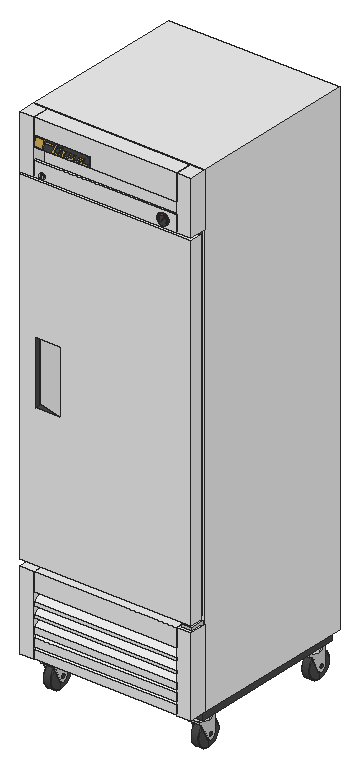
Revit family
Parameters
  Weight = "290 lbs."
  Watts = Volts * FL Amps  # 874 W
  Volts = 115 V
  URL Manufacturer = "www.truemfg.com"
  URL Cutsheet = "www.truemfg.com"
  URL = "www.truemfg.com"
  Type Mark [instance] = ""
  Type Comments = "www.truemfg.com"
  Status [instance] = ""
  Specification by User [instance] = ""
  Specification by Manufacturer = ""
  Show Seismic Flanged [instance] = no
  Show Logo [instance] = yes
  Show Legs [instance] = no
  Show Clearance [instance] = yes
  Show Casters [instance] = and(not(Show Legs), not(Show Seismic Flanged))  # yes
  Serial Number = ""
  Seismic Rating = ""
  Seismic Plate [instance] = and(Show Seismic Flanged, not(Show Casters))  # no
  SMACNA No = ""
  Revision Code [instance] = ""
  Phase = 1
  Omniclass Number and Title = ""
  Number of Poles [instance] = 1
  NAFEM Spec ID Number = ""
  Model = "T-23"
  Min Ckt Ampacity = 0 A
  Max Overcurrent Protection = 0 A
  MasterSpec. = ""
  Manufacturer = "TRUE FOOD SERVICE EQUIPMENT, INC."
  Legs [instance] = or(Show Legs, Show Seismic Flanged)  # no
  Item Number [instance] = ""
  Installed By [instance] = ""
  Identify Quantity as Lot [instance] = yes
  HP = "1/3"
  Furnished By [instance] = ""
  Foodservice Equipment Identifier [instance] = yes
  FL Amps = 7.6 A
  Electrical Remarks [instance] = "230-240/50/1"
  Electric Connection Type [instance] = ""
  Elec Conn RI Height [instance] = 0"
  Elec Conn Connection Height [instance] = 0"
  Description = "Reach-In Solid Swing Door Refrigerator"
  Cycle = 60 Hz
  Conn Plug NEMA = "NEMA-5-15P"
  Conn Conduit = yes
  CSI MasterFormat = ""
  CSI Master Format = ""
  Body Finish = QF_Finishes_Stainless Steel
  Base Height [instance] = if(Show Casters, 5", 6")  # 5"
  Apparent Power = if(Phase = 3, Volts * FL Amps * 1.73, Volts * FL Amps)  # 874 VA
Reference planes (in)
  plane 1 "BACK": y = 0
  plane 2: z = 0
  plane 3 "LEFT": x = 0
  plane 4 "RIGHT": x = 27
  plane 5 "FRONT": y = -29.5
  plane 6 "Top": z = 83.3125
  plane 7: z = 5
Forms (in)
  Revolve 1, solid, material "QF_Finishes_Black", visible <- "Show Casters"
    sketch origin (-0.14406, -24.48472, -1) x (1, 0, 0) y (0, 0, 1)
      loop
        line (2.62908, 4.89592) -> (2.525, 5) -> (1.475, 5) -> (1.375, 4.9) -> (1.375, 3.25) -> (1.05969, 3.25) -> (1.05969, 3) -> (2.94031, 3) -> (2.94031, 3.25) -> (2.62908, 3.25) -> (2.62908, 4.89592)
      axis (2.94031, 3) -> (1.05969, 3)
    angle from 0 to 360
  Revolve 2, solid, material "QF_Finishes_Black", visible <- "Show Casters"
    sketch origin (-0.14406, -2.56916, -1.70457) x (1, 0, 0) y (0, 0, 1)
      loop
        line (2.62908, 5.6005) -> (2.525, 5.70457) -> (1.475, 5.70457) -> (1.375, 5.60457) -> (1.375, 3.95457) -> (1.05969, 3.95457) -> (1.05969, 3.70457) -> (2.94031, 3.70457) -> (2.94031, 3.95457) -> (2.62908, 3.95457) -> (2.62908, 5.6005)
      axis (2.94031, 3.70457) -> (1.05969, 3.70457)
    angle from 0 to 360
  Revolve 3, solid, material "QF_Finishes_Chrome - Satin", visible <- "Show Casters"
    sketch origin (-0.14203, -25.23418, -2.97972) x (1, 0, 0) y (0, 0, 1)
      loop
        line (2, 7.47972) -> (2, 7.97972) -> (0.70293, 7.97972) -> (0.70293, 7.47972) -> (2, 7.47972)
      axis (2, 7.47972) -> (2, 7.97972)
    angle from 0 to 360
  Extrusion 4, solid, material "QF_Finishes_Handrails and Railings", visible <- "Show Casters"
    sketch origin (-47.92328, 8.23261, -2.74546) x (0, 1, 0) y (0, 0, 1)
      loop
        line (-34.85761, 7.24546) -> (-34.85761, 6.89061) -> (-31.89075, 6.89061) -> (-31.89075, 7.24546) -> (-34.85761, 7.24546)
    from 49.10625 to 50.45625
  Extrusion 5, solid, material "QF_Finishes_Handrails and Railings", visible <- "Show Casters"
    sketch origin (-0.14203, 9.88886, -2.21999) x (0, 1, 0) y (0, 0, 1)
      loop
        line (-36.51386, 6.71999) -> (-36.51386, 6.36514) -> (-36.13864, 6.36514) -> (-34.8897, 3.6891)
        arc (-34.8897, 3.6891) -> (-34.09722, 3.33917) -> (-33.547, 4.0083) r 0.71647
        line (-33.547, 4.0083) -> (-33.547, 6.71999) -> (-36.51386, 6.71999)
    from 1.175 to 1.325
  Extrusion 6, solid, material "QF_Finishes_Handrails and Railings", visible <- "Show Casters"
    sketch origin (3.85797, 9.88886, -2.21999) x (0, 1, 0) y (0, 0, -1)
      loop
        line (-36.51386, -6.71999) -> (-33.547, -6.71999) -> (-33.547, -4.0083)
        arc (-33.547, -4.0083) -> (-34.09722, -3.33917) -> (-34.8897, -3.6891) r 0.71647
        line (-34.8897, -3.6891) -> (-36.13864, -6.36514) -> (-36.51386, -6.36514) -> (-36.51386, -6.71999)
    from 1.175 to 1.325
  Revolve 7, solid, material "QF_Finishes_Black", visible <- "Show Casters"
    sketch origin (27.26906, -24.48472, -1) x (-1, 0, 0) y (0, 0, -1)
      loop
        line (2.62908, -4.89592) -> (2.62908, -3.25) -> (2.94031, -3.25) -> (2.94031, -3) -> (1.05969, -3) -> (1.05969, -3.25) -> (1.375, -3.25) -> (1.375, -4.9) -> (1.475, -5) -> (2.525, -5) -> (2.62908, -4.89592)
      axis (2.94031, -3) -> (1.05969, -3)
    angle from 0 to 360
  Revolve 8, solid, material "QF_Finishes_Black", visible <- "Show Casters"
    sketch origin (27.26906, -2.56916, -1.70457) x (-1, 0, 0) y (0, 0, -1)
      loop
        line (2.62908, -5.6005) -> (2.62908, -3.95457) -> (2.94031, -3.95457) -> (2.94031, -3.70457) -> (1.05969, -3.70457) -> (1.05969, -3.95457) -> (1.375, -3.95457) -> (1.375, -5.60457) -> (1.475, -5.70457) -> (2.525, -5.70457) -> (2.62908, -5.6005)
      axis (2.94031, -3.70457) -> (1.05969, -3.70457)
    angle from 0 to 360
  Extrusion 9, solid, material "QF_Finishes_Handrails and Railings", visible <- "Show Casters"
    sketch origin (27.26703, 9.88886, -2.21999) x (0, 1, 0) y (0, 0, -1)
      loop
        line (-36.51386, -6.71999) -> (-33.547, -6.71999) -> (-33.547, -4.0083)
        arc (-33.547, -4.0083) -> (-34.09722, -3.33917) -> (-34.8897, -3.6891) r 0.71647
        line (-34.8897, -3.6891) -> (-36.13864, -6.36514) -> (-36.51386, -6.36514) -> (-36.51386, -6.71999)
    from 1.175 to 1.325
  Extrusion 10, solid, material "QF_Finishes_Handrails and Railings", visible <- "Show Casters"
    sketch origin (23.26703, 9.88886, -2.21999) x (0, 1, 0) y (0, 0, 1)
      loop
        line (-36.51386, 6.71999) -> (-36.51386, 6.36514) -> (-36.13864, 6.36514) -> (-34.8897, 3.6891)
        arc (-34.8897, 3.6891) -> (-34.09722, 3.33917) -> (-33.547, 4.0083) r 0.71647
        line (-33.547, 4.0083) -> (-33.547, 6.71999) -> (-36.51386, 6.71999)
    from 1.175 to 1.325
  Revolve 11, solid, material "QF_Finishes_Stainless Steel" <- "Body Finish", visible <- "Legs"
    sketch origin (-0.14203, -24.48472, 0) x (1, 0, 0) y (0, 0, 1)
      loop
        line (2, 6) -> (0.68084, 6) -> (1.25, 1) -> (1.5, 1) -> (1.5, 0) -> (2, 0) -> (2, 6)
      axis (2, 0) -> (2, 6)
    angle from 0 to 360
  Revolve 12, solid, material "QF_Finishes_Stainless Steel" <- "Body Finish", visible <- "Legs"
    sketch origin (-0.14203, -2.56916, 0) x (1, 0, 0) y (0, 0, -1)
      loop
        line (2, -6) -> (2, 0) -> (1.5, 0) -> (1.5, -1) -> (1.25, -1) -> (0.68084, -6) -> (2, -6)
      axis (2, 0) -> (2, -6)
    angle from 0 to 360
  Extrusion 13, solid, material "QF_Finishes_Stainless Steel" <- "Body Finish", visible <- "Seismic Plate"
    sketch origin (-1.21118, -0.875, 0) x (1, 0, 0) y (0, 1, 0)
      loop
        circle (3.06916, -1.69416) r 1.5
    from 0 to 0.25
  Extrusion 14, solid, material "QF_Finishes_Stainless Steel" <- "Body Finish", visible <- "Seismic Plate"
    sketch origin (-1.21118, -17.79056, 0) x (1, 0, 0) y (0, 1, 0)
      loop
        circle (3.06916, -6.69416) r 1.5
    from 0 to 0.25
  Revolve 15, solid, material "QF_Finishes_Stainless Steel" <- "Body Finish", visible <- "Legs"
    sketch origin (27.26703, -24.48472, 0) x (-1, 0, 0) y (0, 0, -1)
      loop
        line (2, -6) -> (2, 0) -> (1.5, 0) -> (1.5, -1) -> (1.25, -1) -> (0.68084, -6) -> (2, -6)
      axis (2, 0) -> (2, -6)
    angle from 0 to 360
  Revolve 16, solid, material "QF_Finishes_Stainless Steel" <- "Body Finish", visible <- "Legs"
    sketch origin (27.26703, -2.56916, 0) x (-1, 0, 0) y (0, 0, 1)
      loop
        line (2, 6) -> (0.68084, 6) -> (1.25, 1) -> (1.5, 1) -> (1.5, 0) -> (2, 0) -> (2, 6)
      axis (2, 0) -> (2, 6)
    angle from 0 to 360
  Extrusion 17, solid, material "QF_Finishes_Stainless Steel" <- "Body Finish", visible <- "Seismic Plate"
    sketch origin (28.33618, -0.875, 0) x (-1, 0, 0) y (0, -1, 0)
      loop
        circle (3.06916, 1.69416) r 1.5
    from 0 to 0.25
  Extrusion 18, solid, material "QF_Finishes_Stainless Steel" <- "Body Finish", visible <- "Seismic Plate"
    sketch origin (28.33618, -17.79056, 0) x (-1, 0, 0) y (0, -1, 0)
      loop
        circle (3.06916, 6.69416) r 1.5
    from 0 to 0.25
  Extrusion 19, solid, material "QF_Finishes_Chrome - Satin"
    sketch origin (0, 0, 0) x (1, 0, 0) y (0, 0, 1)
      loop
        circle (6, 12) r 0.25
    from 0 to 0.0625
  Revolve 20, solid, material "QF_Finishes_Chrome - Satin", visible <- "Show Casters"
    sketch origin (-0.14203, -3.31862, -2.97972) x (1, 0, 0) y (0, 0, 1)
      loop
        line (2, 7.47972) -> (2, 7.97972) -> (0.70293, 7.97972) -> (0.70293, 7.47972) -> (2, 7.47972)
      axis (2, 7.47972) -> (2, 7.97972)
    angle from 0 to 360
  Extrusion 21, solid, material "QF_Finishes_Handrails and Railings", visible <- "Show Casters"
    sketch origin (-47.92328, 30.14817, -2.74546) x (0, 1, 0) y (0, 0, 1)
      loop
        line (-34.85761, 7.24546) -> (-34.85761, 6.89061) -> (-31.89075, 6.89061) -> (-31.89075, 7.24546) -> (-34.85761, 7.24546)
    from 49.10625 to 50.45625
  Extrusion 22, solid, material "QF_Finishes_Handrails and Railings", visible <- "Show Casters"
    sketch origin (-0.14203, 31.80442, -2.21999) x (0, 1, 0) y (0, 0, 1)
      loop
        line (-36.51386, 6.71999) -> (-36.51386, 6.36514) -> (-36.13864, 6.36514) -> (-34.8897, 3.6891)
        arc (-34.8897, 3.6891) -> (-34.09722, 3.33917) -> (-33.547, 4.0083) r 0.71647
        line (-33.547, 4.0083) -> (-33.547, 6.71999) -> (-36.51386, 6.71999)
    from 1.175 to 1.325
  Extrusion 23, solid, material "QF_Finishes_Handrails and Railings", visible <- "Show Casters"
    sketch origin (3.85797, 31.80442, -2.21999) x (0, 1, 0) y (0, 0, -1)
      loop
        line (-36.51386, -6.71999) -> (-33.547, -6.71999) -> (-33.547, -4.0083)
        arc (-33.547, -4.0083) -> (-34.09722, -3.33917) -> (-34.8897, -3.6891) r 0.71647
        line (-34.8897, -3.6891) -> (-36.13864, -6.36514) -> (-36.51386, -6.36514) -> (-36.51386, -6.71999)
    from 1.175 to 1.325
  Extrusion 24, solid, material "QF_Finishes_Handrails and Railings", visible <- "Show Casters"
    sketch origin (27.26703, 31.80442, -2.21999) x (0, 1, 0) y (0, 0, -1)
      loop
        line (-36.51386, -6.71999) -> (-33.547, -6.71999) -> (-33.547, -4.0083)
        arc (-33.547, -4.0083) -> (-34.09722, -3.33917) -> (-34.8897, -3.6891) r 0.71647
        line (-34.8897, -3.6891) -> (-36.13864, -6.36514) -> (-36.51386, -6.36514) -> (-36.51386, -6.71999)
    from 1.175 to 1.325
  Extrusion 25, solid, material "QF_Finishes_Handrails and Railings", visible <- "Show Casters"
    sketch origin (23.26703, 31.80442, -2.21999) x (0, 1, 0) y (0, 0, 1)
      loop
        line (-36.51386, 6.71999) -> (-36.51386, 6.36514) -> (-36.13864, 6.36514) -> (-34.8897, 3.6891)
        arc (-34.8897, 3.6891) -> (-34.09722, 3.33917) -> (-33.547, 4.0083) r 0.71647
        line (-33.547, 4.0083) -> (-33.547, 6.71999) -> (-36.51386, 6.71999)
    from 1.175 to 1.325
  Revolve 26, solid, material "QF_Finishes_Chrome - Satin", visible <- "Show Casters"
    sketch origin (27.26703, -25.23418, -2.97972) x (-1, 0, 0) y (0, 0, -1)
      loop
        line (2, -7.47972) -> (0.70293, -7.47972) -> (0.70293, -7.97972) -> (2, -7.97972) -> (2, -7.47972)
      axis (2, -7.47972) -> (2, -7.97972)
    angle from 0 to 360
  Extrusion 27, solid, material "QF_Finishes_Handrails and Railings", visible <- "Show Casters"
    sketch origin (75.04828, 8.23261, -2.74546) x (0, 1, 0) y (0, 0, -1)
      loop
        line (-34.85761, -7.24546) -> (-31.89075, -7.24546) -> (-31.89075, -6.89061) -> (-34.85761, -6.89061) -> (-34.85761, -7.24546)
    from 49.10625 to 50.45625
  Revolve 28, solid, material "QF_Finishes_Chrome - Satin", visible <- "Show Casters"
    sketch origin (27.26703, -3.31862, -2.97972) x (-1, 0, 0) y (0, 0, -1)
      loop
        line (2, -7.47972) -> (0.70293, -7.47972) -> (0.70293, -7.97972) -> (2, -7.97972) -> (2, -7.47972)
      axis (2, -7.47972) -> (2, -7.97972)
    angle from 0 to 360
  Extrusion 29, solid, material "QF_Finishes_Handrails and Railings", visible <- "Show Casters"
    sketch origin (75.04828, 30.14817, -2.74546) x (0, 1, 0) y (0, 0, -1)
      loop
        line (-34.85761, -7.24546) -> (-31.89075, -7.24546) -> (-31.89075, -6.89061) -> (-34.85761, -6.89061) -> (-34.85761, -7.24546)
    from 49.10625 to 50.45625
Cuts and joins
  joined: Extrusion 9, Extrusion 10, Extrusion 27
  joined: Extrusion 24, Extrusion 25, Extrusion 29
  joined: Extrusion 21, Extrusion 22, Extrusion 23
  joined: Extrusion 4, Extrusion 5, Extrusion 6
Lines and regions (in)
  symbolic lines, style "SpecialityEquipmentHiddenLines", visible <- "Show Casters"
    curve 1: line (0.31494, -3.98858, 0) -> (1.40101, -4.61562, 0)
    curve 2: line (2.31494, -0.52448, 0) -> (0.31494, -3.98858, 0)
    curve 3: line (3.40101, -1.15152, 0) -> (2.31494, -0.52448, 0)
    curve 4: line (1.40101, -4.61562, 0) -> (3.40101, -1.15152, 0)
    curve 5: line (23.72399, -3.98858, 0) -> (24.81006, -4.61562, 0)
    curve 6: line (25.72399, -0.52448, 0) -> (23.72399, -3.98858, 0)
    curve 7: line (26.81006, -1.15152, 0) -> (25.72399, -0.52448, 0)
    curve 8: line (24.81006, -4.61562, 0) -> (26.81006, -1.15152, 0)
    curve 9: line (0.31494, -25.90414, 0) -> (1.40101, -26.53118, 0)
    curve 10: line (2.31494, -22.44004, 0) -> (0.31494, -25.90414, 0)
    curve 11: line (3.40101, -23.06708, 0) -> (2.31494, -22.44004, 0)
    curve 12: line (1.40101, -26.53118, 0) -> (3.40101, -23.06708, 0)
    curve 13: line (23.72399, -25.90414, 0) -> (24.81006, -26.53118, 0)
    curve 14: line (25.72399, -22.44004, 0) -> (23.72399, -25.90414, 0)
    curve 15: line (26.81006, -23.06708, 0) -> (25.72399, -22.44004, 0)
    curve 16: line (24.81006, -26.53118, 0) -> (26.81006, -23.06708, 0)
Dimensions and locks (in)
  plane 1 "BACK" to plane 5 "FRONT" = 29 1/2"
  plane 6 "Top" to level = 83 5/16"  (x3)
  plane 5 "FRONT" to plane 1 "BACK" = 29 1/2"  (x2)
  plane 4 "RIGHT" to plane 3 "LEFT" = 27"
  plane 2 to plane 6 "Top" = 83 5/16"
  plane 6 "Top" to plane 7 = 78 5/16"
  plane 3 "LEFT" to plane 4 "RIGHT" = 27"
  "Base Height": plane 7 to level
  locked: Revolve 11 sketch curve to level at 6
  locked: Revolve 12 sketch curve to level at 6
  Revolve 15 sketch curve to Revolve 15 sketch curve to Revolve 15 sketch curve = 5" locked, 1" locked
  Revolve 16 sketch curve to Revolve 16 sketch curve to Revolve 16 sketch curve = 5" locked, 1" locked
  Extrusion 19 sketch curve to Extrusion 19 sketch curve to plane 7 = 1/2" locked, 6 3/4" locked
  aligned and locked: level to plane 2
  aligned: Extrusion 4 to Revolve 3
  aligned: Revolve 3 to Revolve 3
  aligned: plane 7 to Extrusion 5
  aligned: plane 7 to Extrusion 6
  aligned and locked: plane 1 "BACK" to nested 1
  aligned and locked: plane 3 "LEFT" to nested 1
  aligned and locked: nested 1 to plane 7
  aligned and locked: Revolve 3 sketch curve to Revolve 3 sketch curve
  aligned and locked: Revolve 1 sketch curve to Revolve 1 sketch curve
  aligned and locked: Revolve 2 sketch curve to Revolve 2 sketch curve
  aligned and locked: Revolve 20 sketch curve to Revolve 20 sketch curve
  aligned and locked: Revolve 26 sketch curve to Revolve 26 sketch curve
  aligned and locked: Revolve 28 sketch curve to Revolve 28 sketch curve
Automatic sketch dimensions
  plane 3 "LEFT" to Revolve 1 sketch curve = 0.5097"
  Revolve 1 sketch curve to Revolve 1 sketch curve = 0.40592"
  plane 3 "LEFT" to Revolve 1 sketch curve = 1.23094"
  Revolve 1 sketch curve to Revolve 1 sketch curve = 0.1"  (x2)
  Revolve 1 sketch curve to Revolve 1 sketch curve = 0.63788"
  Revolve 1 sketch curve to plane 7 = 1"
  Revolve 1 sketch curve to Revolve 1 sketch curve = 1.05"
  Revolve 1 sketch curve to Revolve 1 sketch curve = 0.6162"
  Revolve 1 sketch curve to Revolve 1 sketch curve = 0.31123"
  Revolve 1 sketch curve to Revolve 1 sketch curve = 0.10408"
  Revolve 1 sketch curve to Revolve 1 sketch curve = 1.65"
  Revolve 1 sketch curve to Revolve 1 sketch curve = 1/4"
  Revolve 1 sketch curve to Revolve 1 sketch curve = 0"
  plane 3 "LEFT" to Revolve 2 sketch curve = 0.5097"
  Revolve 2 sketch curve to Revolve 2 sketch curve = 0.40592"
  plane 3 "LEFT" to Revolve 2 sketch curve = 1.23094"
  Revolve 2 sketch curve to Revolve 2 sketch curve = 0.1"  (x2)
  Revolve 2 sketch curve to Revolve 2 sketch curve = 0.63788"
  Revolve 2 sketch curve to plane 7 = 1"
  Revolve 2 sketch curve to Revolve 2 sketch curve = 1.05"
  Revolve 2 sketch curve to Revolve 2 sketch curve = 0.6162"
  Revolve 2 sketch curve to Revolve 2 sketch curve = 0.31123"
  Revolve 2 sketch curve to Revolve 2 sketch curve = 0.10408"
  Revolve 2 sketch curve to Revolve 2 sketch curve = 1.65"
  Revolve 2 sketch curve to Revolve 2 sketch curve = 1/4"
  Revolve 2 sketch curve to Revolve 2 sketch curve = 0"
  Revolve 3 sketch curve to plane 7 = 0"
  plane 3 "LEFT" to Revolve 3 sketch curve = 0.56091"
  Revolve 3 sketch curve to Revolve 3 sketch curve = 1.29707"
  Revolve 3 sketch curve to plane 7 = 0.0891"
  Revolve 3 sketch curve to plane 7 = 1/2"
  Revolve 3 sketch curve to Revolve 3 sketch curve = 0.0891"
  Extrusion 4 sketch curve to plane 7 = 0.85485"
  Extrusion 4 sketch curve to plane 5 "FRONT" = 2 7/8"
  Extrusion 4 sketch curve to Extrusion 4 sketch curve = 2.96686"
  Extrusion 4 sketch curve to Extrusion 4 sketch curve = 0.35485"
  Extrusion 5 sketch curve to plane 7 = 1/2"
  Extrusion 5 sketch curve to plane 5 "FRONT" = 2 7/8"
  Extrusion 5 sketch curve to Extrusion 5 sketch curve = 0.37522"
  level to Extrusion 5 sketch curve = 1.46911"
  Extrusion 5 sketch curve to Extrusion 5 sketch curve = 1.24895"
  Extrusion 5 sketch curve to Extrusion 5 sketch curve = 0.62677"
  Extrusion 5 sketch curve to Extrusion 5 sketch curve = 2.59164"
  Extrusion 5 sketch curve to Extrusion 5 sketch curve = 0.3192"
  Extrusion 5 sketch curve to Extrusion 5 sketch curve = 0.35485"
  Extrusion 6 sketch curve to plane 7 = 0.85485"
  Extrusion 6 sketch curve to plane 5 "FRONT" = 2 7/8"
  Extrusion 6 sketch curve to Extrusion 6 sketch curve = 0.37522"
  level to Extrusion 6 sketch curve = 1.46911"
  Extrusion 6 sketch curve to Extrusion 6 sketch curve = 1.24895"
  Extrusion 6 sketch curve to Extrusion 6 sketch curve = 0.62677"
  Extrusion 6 sketch curve to Extrusion 6 sketch curve = 0.71593"
  Extrusion 6 sketch curve to plane 7 = 1/2"
  Extrusion 6 sketch curve to Extrusion 6 sketch curve = 0.34712"
  Revolve 7 sketch curve to plane 4 "RIGHT" = 0.3847"
  Revolve 7 sketch curve to Revolve 7 sketch curve = 0.40592"
  Revolve 7 sketch curve to Revolve 7 sketch curve = 0.31531"
  Revolve 7 sketch curve to Revolve 7 sketch curve = 0.1"  (x2)
  Revolve 7 sketch curve to Revolve 7 sketch curve = 0.63788"
  Revolve 7 sketch curve to plane 7 = 1"
  Revolve 7 sketch curve to Revolve 7 sketch curve = 1.05"
  Revolve 7 sketch curve to Revolve 7 sketch curve = 0.6162"
  Revolve 7 sketch curve to Revolve 7 sketch curve = 0.31123"
  Revolve 7 sketch curve to Revolve 7 sketch curve = 0.10408"
  Revolve 7 sketch curve to Revolve 7 sketch curve = 1.64592"
  Revolve 7 sketch curve to Revolve 7 sketch curve = 0"
  Revolve 7 sketch curve to Revolve 7 sketch curve = 1/4"  (x2)
  Revolve 8 sketch curve to plane 4 "RIGHT" = 0.3847"
  Revolve 8 sketch curve to Revolve 8 sketch curve = 0.40592"
  Revolve 8 sketch curve to Revolve 8 sketch curve = 0.31531"
  Revolve 8 sketch curve to Revolve 8 sketch curve = 0.1"  (x2)
  Revolve 8 sketch curve to Revolve 8 sketch curve = 0.63788"
  Revolve 8 sketch curve to plane 7 = 1"
  Revolve 8 sketch curve to Revolve 8 sketch curve = 1.05"
  Revolve 8 sketch curve to Revolve 8 sketch curve = 0.6162"
  Revolve 8 sketch curve to Revolve 8 sketch curve = 0.31123"
  Revolve 8 sketch curve to Revolve 8 sketch curve = 0.10408"
  Revolve 8 sketch curve to Revolve 8 sketch curve = 1.64592"
  Revolve 8 sketch curve to Revolve 8 sketch curve = 0"
  Revolve 8 sketch curve to Revolve 8 sketch curve = 1/4"  (x2)
  Extrusion 9 sketch curve to plane 7 = 0.85485"
  Extrusion 9 sketch curve to plane 5 "FRONT" = 2 7/8"
  Extrusion 9 sketch curve to Extrusion 9 sketch curve = 0.37522"
  level to Extrusion 9 sketch curve = 1.46911"
  Extrusion 9 sketch curve to Extrusion 9 sketch curve = 1.24895"
  Extrusion 9 sketch curve to Extrusion 9 sketch curve = 0.62677"
  Extrusion 9 sketch curve to Extrusion 9 sketch curve = 0.71593"
  Extrusion 9 sketch curve to plane 7 = 1/2"
  Extrusion 9 sketch curve to Extrusion 9 sketch curve = 0.34712"
  Extrusion 10 sketch curve to plane 7 = 0.85485"
  Extrusion 10 sketch curve to plane 5 "FRONT" = 2 7/8"
  Extrusion 10 sketch curve to Extrusion 10 sketch curve = 0.37522"
  level to Extrusion 10 sketch curve = 1.46911"
  Extrusion 10 sketch curve to Extrusion 10 sketch curve = 1.24895"
  Extrusion 10 sketch curve to Extrusion 10 sketch curve = 0.62677"
  Extrusion 10 sketch curve to Extrusion 10 sketch curve = 0.71593"
  Extrusion 10 sketch curve to Extrusion 10 sketch curve = 0.3192"
  Extrusion 10 sketch curve to Extrusion 10 sketch curve = 0.35485"
  Revolve 11 sketch curve to level = 0"
  plane 3 "LEFT" to Revolve 11 sketch curve = 0.53882"
  plane 3 "LEFT" to Revolve 11 sketch curve = 1.10797"
  Revolve 11 sketch curve to Revolve 11 sketch curve = 1/4"
  Revolve 11 sketch curve to Revolve 11 sketch curve = 1/2"
  Revolve 11 sketch curve to Revolve 11 sketch curve = 0"
  level to Revolve 11 sketch curve = 1"
  plane 7 to Revolve 11 sketch curve = 1/2"
  Revolve 11 sketch curve to Revolve 11 sketch curve = 29/32"
  Revolve 12 sketch curve to level = 0"
  plane 3 "LEFT" to Revolve 12 sketch curve = 0.53882"
  plane 3 "LEFT" to Revolve 12 sketch curve = 1.10797"
  Revolve 12 sketch curve to Revolve 12 sketch curve = 1/4"
  Revolve 12 sketch curve to Revolve 12 sketch curve = 1/2"
  Revolve 12 sketch curve to Revolve 12 sketch curve = 0"
  Revolve 12 sketch curve to Revolve 12 sketch curve = 29/32"
  plane 7 to Revolve 12 sketch curve = 1/2"
  level to Revolve 12 sketch curve = 1"
  plane 3 "LEFT" to Extrusion 13 sketch curve = 1.85797"
  plane 1 "BACK" to Extrusion 13 sketch curve = 2.56916"
  plane 3 "LEFT" to Extrusion 14 sketch curve = 1.85797"
  Extrusion 14 sketch curve to plane 5 "FRONT" = 5.01528"
  Revolve 15 sketch curve to level = 0"
  Revolve 15 sketch curve to plane 4 "RIGHT" = 0.41382"
  Revolve 15 sketch curve to plane 4 "RIGHT" = 0.98297"
  Revolve 15 sketch curve to Revolve 15 sketch curve = 1/4"
  Revolve 15 sketch curve to Revolve 15 sketch curve = 1/2"
  Revolve 15 sketch curve to Revolve 15 sketch curve = 0"
  Revolve 15 sketch curve to Revolve 15 sketch curve = 29/32"
  plane 7 to Revolve 15 sketch curve = 1/2"
  Revolve 16 sketch curve to level = 0"
  Revolve 16 sketch curve to plane 4 "RIGHT" = 0.41382"
  Revolve 16 sketch curve to plane 4 "RIGHT" = 0.98297"
  Revolve 16 sketch curve to Revolve 16 sketch curve = 1/4"
  Revolve 16 sketch curve to Revolve 16 sketch curve = 1/2"
  Revolve 16 sketch curve to Revolve 16 sketch curve = 0"
  plane 7 to Revolve 16 sketch curve = 1/2"
  Revolve 16 sketch curve to Revolve 16 sketch curve = 29/32"
  Extrusion 17 sketch curve to plane 4 "RIGHT" = 1.73297"
  plane 1 "BACK" to Extrusion 17 sketch curve = 2.56916"
  Extrusion 18 sketch curve to plane 4 "RIGHT" = 1.73297"
  Extrusion 18 sketch curve to plane 5 "FRONT" = 5.01528"
  plane 3 "LEFT" to Extrusion 19 sketch curve = 6"
  Revolve 20 sketch curve to plane 7 = 0"
  plane 3 "LEFT" to Revolve 20 sketch curve = 0.56091"
  Revolve 20 sketch curve to Revolve 20 sketch curve = 1.29707"
  Revolve 20 sketch curve to plane 7 = 0.0891"
  Revolve 20 sketch curve to plane 7 = 1/2"
  Revolve 20 sketch curve to Revolve 20 sketch curve = 0.0891"
  Extrusion 21 sketch curve to plane 7 = 0.85485"
  plane 1 "BACK" to Extrusion 21 sketch curve = 4.70944"
  plane 1 "BACK" to Extrusion 21 sketch curve = 1.74258"
  Extrusion 21 sketch curve to Extrusion 21 sketch curve = 0.35485"
  Extrusion 22 sketch curve to plane 7 = 1/2"
  plane 1 "BACK" to Extrusion 22 sketch curve = 4.70944"
  Extrusion 22 sketch curve to Extrusion 22 sketch curve = 0.37522"
  level to Extrusion 22 sketch curve = 1.46911"
  Extrusion 22 sketch curve to Extrusion 22 sketch curve = 1.24895"
  Extrusion 22 sketch curve to Extrusion 22 sketch curve = 0.62677"
  plane 1 "BACK" to Extrusion 22 sketch curve = 1.74258"
  Extrusion 22 sketch curve to Extrusion 22 sketch curve = 0.3192"
  Extrusion 22 sketch curve to Extrusion 22 sketch curve = 0.35485"
  Extrusion 23 sketch curve to plane 7 = 0.85485"
  plane 1 "BACK" to Extrusion 23 sketch curve = 4.70944"
  Extrusion 23 sketch curve to Extrusion 23 sketch curve = 0.37522"
  level to Extrusion 23 sketch curve = 1.46911"
  Extrusion 23 sketch curve to Extrusion 23 sketch curve = 1.24895"
  Extrusion 23 sketch curve to Extrusion 23 sketch curve = 0.62677"
  Extrusion 23 sketch curve to Extrusion 23 sketch curve = 0.71593"
  Extrusion 23 sketch curve to plane 7 = 1/2"
  Extrusion 23 sketch curve to Extrusion 23 sketch curve = 0.34712"
  Extrusion 24 sketch curve to plane 7 = 0.85485"
  plane 1 "BACK" to Extrusion 24 sketch curve = 4.70944"
  Extrusion 24 sketch curve to Extrusion 24 sketch curve = 0.37522"
  level to Extrusion 24 sketch curve = 1.46911"
  Extrusion 24 sketch curve to Extrusion 24 sketch curve = 1.24895"
  Extrusion 24 sketch curve to Extrusion 24 sketch curve = 0.62677"
  Extrusion 24 sketch curve to Extrusion 24 sketch curve = 0.71593"
  Extrusion 24 sketch curve to plane 7 = 1/2"
  Extrusion 24 sketch curve to Extrusion 24 sketch curve = 0.34712"
  Extrusion 25 sketch curve to plane 7 = 0.85485"
  plane 1 "BACK" to Extrusion 25 sketch curve = 4.70944"
  Extrusion 25 sketch curve to Extrusion 25 sketch curve = 0.37522"
  level to Extrusion 25 sketch curve = 1.46911"
  Extrusion 25 sketch curve to Extrusion 25 sketch curve = 1.24895"
  Extrusion 25 sketch curve to Extrusion 25 sketch curve = 0.62677"
  Extrusion 25 sketch curve to Extrusion 25 sketch curve = 0.71593"
  Extrusion 25 sketch curve to Extrusion 25 sketch curve = 0.3192"
  Extrusion 25 sketch curve to Extrusion 25 sketch curve = 0.35485"
  Revolve 26 sketch curve to plane 7 = 0"
  Revolve 26 sketch curve to plane 4 "RIGHT" = 0.43591"
  Revolve 26 sketch curve to Revolve 26 sketch curve = 1.29707"
  Revolve 26 sketch curve to plane 7 = 0.0891"
  Revolve 26 sketch curve to Revolve 26 sketch curve = 0.4109"
  Revolve 26 sketch curve to Revolve 26 sketch curve = 0.0891"
  Extrusion 27 sketch curve to plane 7 = 0.85485"
  Extrusion 27 sketch curve to plane 5 "FRONT" = 2 7/8"
  Extrusion 27 sketch curve to Extrusion 27 sketch curve = 2.96686"
  Extrusion 27 sketch curve to Extrusion 27 sketch curve = 0.35485"
  Revolve 28 sketch curve to plane 7 = 0"
  Revolve 28 sketch curve to plane 4 "RIGHT" = 0.43591"
  Revolve 28 sketch curve to Revolve 28 sketch curve = 1.29707"
  Revolve 28 sketch curve to plane 7 = 0.0891"
  Revolve 28 sketch curve to Revolve 28 sketch curve = 0.4109"
  Revolve 28 sketch curve to Revolve 28 sketch curve = 0.0891"
  Extrusion 29 sketch curve to plane 7 = 0.85485"
  plane 1 "BACK" to Extrusion 29 sketch curve = 4.70944"
  plane 1 "BACK" to Extrusion 29 sketch curve = 1.74258"
  Extrusion 29 sketch curve to Extrusion 29 sketch curve = 0.35485"
  plane 3 "LEFT" to curve 1 = 0.31494"
  plane 3 "LEFT" to curve 10 = 0.31494"
  curve 1 to curve 1 = 1.08606"
  curve 9 to curve 9 = 1.08606"
  plane 1 "BACK" to curve 3 = 0.52448"
  plane 3 "LEFT" to curve 3 = 2.31494"
  plane 3 "LEFT" to curve 10 = 2.31494"
  curve 13 to plane 4 "RIGHT" = 3.27601"
  curve 5 to plane 4 "RIGHT" = 3.27601"
  curve 14 to curve 13 = 1.08606"
  curve 5 to curve 8 = 1.08606"
  plane 1 "BACK" to curve 7 = 0.52448"
  curve 7 to plane 4 "RIGHT" = 1.27601"
  curve 14 to plane 4 "RIGHT" = 1.27601"
  plane 1 "BACK" to curve 7 = 1.15152"
  plane 1 "BACK" to curve 4 = 1.15152"
  curve 14 to plane 5 "FRONT" = 7.05996"
  curve 11 to plane 5 "FRONT" = 7.05996"
  curve 16 to curve 14 = 0.62704"
  curve 12 to curve 10 = 0.62704"
  radius of Extrusion 13 sketch curve = 1 1/2"
  radius of Extrusion 14 sketch curve = 1 1/2"
  radius of Extrusion 17 sketch curve = 1 1/2"
  radius of Extrusion 18 sketch curve = 1 1/2"
Nested families (in)
  nested 1: "True_T-23" at (0, 0, 1.25), Show Logo <- "Show Logo", Show Clearance <- "Show Clearance", type "True_T-23"
    with Show Logo yes, Show Clearance yes
Connectors (in)
  electrical at (6, 0, 12), driven by "Volts", driven by "Watts"
    settings: on Extrusion 19, index 1, voltage 115 V, apparent load 874 VA, apparent load phase1 0 VA, apparent load phase2 0 VA, apparent load phase3 0 VA, power factor 1, load classification "Other", number of poles 1, system type 30, power factor state 1, is connector primary yes, connector utility no, sub classification motor no, connector description "Electrical Connection"
Definition of nested family "True_T-23"
  Parameters (values of type "True_T-23")
    URL = ""
    Type Comments = ""
    Show Logo [instance] = yes
    Show Clearance [instance] = yes
    Model = ""
    Manufacturer = ""
    Description = ""
    Assembly Code = ""
  Reference planes (in)
    plane 1 "BACK": y = 0
    plane 2: z = 0
    plane 3 "LEFT": x = 0
    plane 4 "RIGHT": x = 27
    plane 5 "FRONT": y = -29.5
    plane 6 "Top": z = 82.0625
  Forms (in)
    Extrusion 1, solid, material "QF_Finishes_Chrome - Satin"
      sketch origin (0.05, 0, 0) x (1, 0, 0) y (0, 1, 0)
        loop
          line (-0.05, 0) -> (-0.05, -26.75) -> (26.95, -26.75) -> (26.95, 0) -> (-0.05, 0)
      from 5.125 to 82.0625
    Extrusion 2, solid, material "QF_Finishes_Black"
      sketch origin (0, 0, 0.5) x (1, 0, 0) y (0, 1, 0)
        loop
          line (0.5, -1) -> (0.5, -26.65625) -> (26.625, -26.65625) -> (26.625, -1) -> (0.5, -1)
      from 3.25 to 4.625
    Extrusion 3, solid, material "QF_Finishes_Black"
      sketch origin (0, -5, 0) x (1, 0, 0) y (0, 1, 0)
        loop
          line (0.5, -21.75) -> (0.5, -22.54725) -> (26.625, -22.54725) -> (26.625, -21.75) -> (0.5, -21.75)
      from 18.625 to 73.19565
    Extrusion 4, solid, material "QF_Finishes_Chrome - Satin"
      sketch origin (-25.125, 4.25, -0.71875) x (1, 0, 0) y (0, 0, 1)
        loop
          line (25.125, 19.34375) -> (52.125, 19.34375) -> (52.125, 73.91441) -> (25.125, 73.91441) -> (25.125, 19.34375)
      from 31.79725 to 33.75
    Extrusion 5, solid, material "QF_Finishes_Chrome - Satin"
      sketch origin (0, -5, 5.75) x (0, 1, 0) y (0, 0, 1)
        loop
          line (-21.75, -0.62313) -> (-21.75, 11.8125) -> (-24.49666, 11.8125) -> (-24.49666, 8.90149) -> (-22.29246, 10.46875) -> (-22.29246, 9.06818) -> (-24.49666, 7.50091) -> (-24.49666, 7.02971) -> (-22.29246, 8.59697) -> (-22.29246, 7.22996) -> (-24.49666, 5.6627) -> (-24.49666, 5.21649) -> (-22.29246, 6.78375) -> (-22.29246, 5.50523) -> (-24.49666, 3.93797) -> (-24.49666, 2.9375) -> (-22.29246, 4.50476) -> (-22.29246, 4.05855) -> (-24.49666, 2.49129) -> (-24.49666, 1.21277) -> (-22.29246, 2.78003) -> (-22.29246, 2.33382) -> (-24.49666, 0.76656) -> (-24.49666, -0.62313) -> (-21.75, -0.62313)
        loop
          line (-21.75, 76.3125) -> (-24.5, 76.3125) -> (-24.5, 72.1875) -> (-22.5, 71.19565) -> (-22.5, 68.07065) -> (-24.25, 68.07065) -> (-24.25, 70.32065) -> (-24.5, 70.32065) -> (-24.5, 67.82065) -> (-21.75, 67.82065) -> (-21.75, 76.3125)
      from 2.25 to 24.75094
    Extrusion 6, solid, material "QF_Finishes_Handrails and Railings"
      sketch origin (0, -5, 6.25) x (1, 0, 0) y (0, 1, 0)
        loop
          circle (25.92228, -23.28471) r 0.5
      from 11.88262 to 12.375
    Extrusion 7, solid, material "QF_Finishes_Handrails and Railings"
      sketch origin (2.24906, -5, 6.25) x (0, 1, 0) y (0, 0, 1)
        loop
          line (-21.92236, 11.3125) -> (-21.92236, 11.88262) -> (-24.17236, 11.88262) -> (-24.17236, 11.47736) -> (-22.42236, 11.47736) -> (-22.42236, 11.3125) -> (-21.92236, 11.3125)
      from 23.06646 to 24.65563
    Extrusion 8, solid, material "QF_Finishes_Chrome - Satin"
      sketch origin (0, -5, 0) x (1, 0, 0) y (0, 0, 1)
        loop
          line (24.875, 17.5625) -> (24.875, 5.125) -> (27, 5.125) -> (27, 17.5625) -> (24.875, 17.5625)
        loop
          line (0, 17.5625) -> (0, 5.125) -> (2.125, 5.125) -> (2.125, 17.5625) -> (0, 17.5625)
        loop
          line (0, 82.0625) -> (0, 73.57065) -> (2.125, 73.57065) -> (2.125, 82.0625) -> (0, 82.0625)
        loop
          line (24.875, 82.0625) -> (24.875, 73.57065) -> (27, 73.57065) -> (27, 82.0625) -> (24.875, 82.0625)
      from 21.75 to 24.5
    Extrusion 9, solid, material "QF_Finishes_Handrails and Railings"
      sketch origin (0, -5, 61.31303) x (1, 0, 0) y (0, 1, 0)
        loop
          circle (25.92228, -23.28471) r 0.5
      from 11.88262 to 12.25762
    Extrusion 10, solid, material "QF_Finishes_Black", visible <- "Show Logo"
      sketch origin (-11.34257, -10.68962, 94.3704) x (0, 0.579482, 0.814985) y (0, -0.814985, 0.579482)
        loop
          line (-24.29284, 5.80762) -> (-22.95998, 6.75533) -> (-22.97916, 6.78231) -> (-24.31203, 5.8346) -> (-24.29284, 5.80762)
      from 13.59257 to 22.34257
    Extrusion 11, solid, material "QF_Finishes_Satin Goldenrod", visible <- "Show Logo"
      sketch origin (-2.19529, 5.26285, 21.87842) x (1, 0, 0) y (0, -0.000498, 1)
        loop
          line (6.49169, 57.39981) -> (6.38603, 57.17323) -> (7.69777, 57.17323)
          arc (7.69777, 57.17323) -> (7.72629, 57.12278) -> (7.69777, 57.07234) r 0.05887
          line (7.69777, 57.07234) -> (7.33119, 56.28622)
          arc (7.33119, 56.28622) -> (7.32801, 56.21341) -> (7.37725, 56.15967) r 0.09523
          line (7.37725, 56.15967) -> (8.27594, 56.15967)
          arc (8.27594, 56.15967) -> (8.38942, 56.19545) -> (8.46186, 56.28985) r 0.19785
          line (8.46186, 56.28985) -> (8.75035, 56.90851) -> (9.0154, 56.90851)
          arc (9.0154, 56.90851) -> (9.08494, 56.88293) -> (9.07487, 56.80953) r 0.05911
          line (9.07487, 56.80953) -> (8.83348, 56.29187)
          arc (8.83348, 56.29187) -> (8.83724, 56.2059) -> (8.90981, 56.15967) r 0.09318
          line (8.90981, 56.15967) -> (9.69948, 56.15967)
          arc (9.69948, 56.15967) -> (9.75999, 56.18169) -> (9.79218, 56.23745) r 0.09412
          arc (9.79218, 56.23745) -> (9.81496, 56.18245) -> (9.86996, 56.15967) r 0.07778
          line (9.86996, 56.15967) -> (10.36996, 56.15967)
          arc (10.36996, 56.15967) -> (10.42772, 56.17515) -> (10.47001, 56.21743) r 0.11552
          arc (10.47001, 56.21743) -> (10.49025, 56.16856) -> (10.53912, 56.14831) r 0.06912
          line (10.53912, 56.14831) -> (11.24975, 56.14831)
          arc (11.24975, 56.14831) -> (11.30784, 56.17238) -> (11.33191, 56.23047) r 0.08216
          arc (11.33191, 56.23047) -> (11.38517, 56.17722) -> (11.45792, 56.15772) r 0.14551
          line (11.45792, 56.15772) -> (12.78908, 56.15772) -> (12.93696, 56.41384) -> (11.59428, 56.41384)
          arc (11.59428, 56.41384) -> (11.55722, 56.43954) -> (11.55584, 56.48461) r 0.05009
          line (11.55584, 56.48461) -> (11.57907, 56.53442)
          arc (11.57907, 56.53442) -> (11.61473, 56.58114) -> (11.67077, 56.59885) r 0.09747
          line (11.67077, 56.59885) -> (12.10235, 56.59885)
          arc (12.10235, 56.59885) -> (12.1955, 56.62381) -> (12.26369, 56.692) r 0.1863
          line (12.26369, 56.692) -> (12.38869, 56.90851)
          arc (12.38869, 56.90851) -> (12.38869, 57.02407) -> (12.28861, 57.08184) r 0.11556
          line (12.28861, 57.08184) -> (11.83312, 57.08184)
          arc (11.83312, 57.08184) -> (11.717, 57.06212) -> (11.63599, 56.97662) r 0.18605
          line (11.63599, 56.97662) -> (11.41954, 56.51243)
          arc (11.41954, 56.51243) -> (11.35565, 56.42917) -> (11.25556, 56.39761) r 0.1745
          line (11.25556, 56.39761) -> (10.78309, 56.39761)
          arc (10.78309, 56.39761) -> (10.72653, 56.45934) -> (10.73018, 56.54298) r 0.10939
          line (10.73018, 56.54298) -> (10.98145, 57.08184) -> (10.82153, 57.08184) -> (10.55531, 56.51094)
          arc (10.55531, 56.51094) -> (10.50359, 56.44353) -> (10.42255, 56.41798) r 0.14128
          line (10.42255, 56.41798) -> (10.09675, 56.41798)
          arc (10.09675, 56.41798) -> (10.04169, 56.48973) -> (10.0535, 56.57939) r 0.11816
          line (10.0535, 56.57939) -> (10.2878, 57.08184) -> (10.12264, 57.08184) -> (9.85296, 56.5035)
          arc (9.85296, 56.5035) -> (9.79035, 56.44089) -> (9.70483, 56.41798) r 0.17104
          line (9.70483, 56.41798) -> (9.23305, 56.41798)
          arc (9.23305, 56.41798) -> (9.14832, 56.45749) -> (9.14017, 56.55063) r 0.0935
          line (9.14017, 56.55063) -> (9.29524, 56.88319) -> (9.51445, 56.88319)
          arc (9.51445, 56.88319) -> (9.55145, 56.99467) -> (9.63017, 57.08184) r 0.2857
          line (9.63017, 57.08184) -> (8.77355, 57.08184)
          arc (8.77355, 57.08184) -> (8.67836, 57.06074) -> (8.61248, 56.98885) r 0.16212
          line (8.61248, 56.98885) -> (8.38029, 56.49091)
          arc (8.38029, 56.49091) -> (8.3269, 56.43752) -> (8.25397, 56.41798) r 0.14586
          line (8.25397, 56.41798) -> (7.74256, 56.41798)
          arc (7.74256, 56.41798) -> (7.70264, 56.47192) -> (7.71024, 56.53859) r 0.09155
          line (7.71024, 56.53859) -> (8.04768, 57.17323) -> (8.89905, 57.17323) -> (9.00471, 57.39981) -> (8.15334, 57.39981) -> (8.25899, 57.62638) -> (7.95612, 57.62638) -> (7.85047, 57.39981) -> (6.49169, 57.39981)
        loop
          arc (11.77555, 56.87613) -> (11.73869, 56.86625) -> (11.7117, 56.83926) r 0.07373
          line (11.7117, 56.83926) -> (11.68979, 56.77186)
          arc (11.68979, 56.77186) -> (11.69995, 56.74733) -> (11.72449, 56.73716) r 0.0347
          line (11.72449, 56.73716) -> (12.09698, 56.73716)
          arc (12.09698, 56.73716) -> (12.12382, 56.74311) -> (12.14562, 56.75984) r 0.0635
          line (12.14562, 56.75984) -> (12.16374, 56.84372)
          arc (12.16374, 56.84372) -> (12.15841, 56.86618) -> (12.13759, 56.87613) r 0.02676
          line (12.13759, 56.87613) -> (11.77555, 56.87613)
        loop
          line (4.80351, 57.58316) -> (4.57805, 56.15967) -> (5.86794, 56.15967) -> (6.0934, 57.58316) -> (4.80351, 57.58316)
      from 34.76797 to 34.83173
    Extrusion 12, solid, material "QF_Finishes_Black"
      sketch origin (0, -5, 3.5625) x (1, 0, 0) y (0, 0, 1)
        loop
          circle (22.64702, 71.19827) r 0.86908
      from 24.5 to 24.58496
    Extrusion 13, solid, material "QF_Finishes_Handrails and Railings"
      sketch origin (0, -5, 3.5625) x (1, 0, 0) y (0, 0, 1)
        loop
          circle (3.51811, 70.59973) r 0.40486
        loop
          line (3.46374, 70.92738) -> (3.46374, 70.26052) -> (3.5845, 70.26052) -> (3.5845, 70.92738) -> (3.46374, 70.92738)
        loop
          line (22.57492, 71.11105) -> (22.6463, 71.06984) -> (23.01752, 71.79524) -> (22.57492, 71.11105)
      from 24.5 to 24.68278
    Extrusion 14, solid, material "QF_Finishes_Red"
      sketch origin (0, -5, 3.5625) x (1, 0, 0) y (0, 0, 1)
        loop
          arc (23.34868, 70.93337) -> (22.91192, 71.89993) -> (21.94536, 71.46317) r 0.75
          line (21.94536, 71.46317) -> (22.04995, 71.42368)
          arc (22.04995, 71.42368) -> (22.87244, 71.79534) -> (23.24409, 70.97285) r 0.63821
          line (23.24409, 70.97285) -> (23.34868, 70.93337)
      from 24.58496 to 24.60325
    Extrusion 15, solid, material "QF_Finishes_Green"
      sketch origin (0, -5, 3.5625) x (1, 0, 0) y (0, 0, 1)
        loop
          arc (21.94536, 71.46317) -> (21.92217, 71.00566) -> (22.1694, 70.62001) r 0.75
          line (22.1694, 70.62001) -> (22.27308, 70.68109)
          arc (22.27308, 70.68109) -> (22.03581, 71.01462) -> (22.04995, 71.42368) r 0.63821
          line (22.04995, 71.42368) -> (21.94536, 71.46317)
      from 24.58496 to 24.60325
    Extrusion 16, void
      sketch origin (24.46875, 4.25, 67.29086) x (0, -1, 0) y (-1, 0, 0)
        loop
          line (33.75, 17.96875) -> (33.75, 21.96875) -> (33.25, 21.96875) -> (33.25, 22.21875) -> (32.56139, 22.21875) -> (33.75, 17.96875)
      from 16.38054 to 26.38054
    Extrusion 17, solid, material "QF_Finishes_Door Clearance", visible <- "Show Clearance", detail levels coarse
      sketch origin (-22.52216, 0.6402, 0) x (-1, 0, 0) y (0, -1, 0)
        loop
          line (-49.52216, 30.1402) -> (-22.52216, 30.1402)
          arc (-22.52216, 30.1402) -> (-30.43028, 49.23209) -> (-49.52216, 57.1402) r 27
          line (-49.52216, 57.1402) -> (-49.52216, 30.1402)
      from 18.625 to 73.19565
  Cuts and joins
    Extrusion 16 cuts Extrusion 4
    Extrusion 16 cuts Extrusion 5
    Extrusion 16 cuts Extrusion 8
  Lines and regions (in)
    symbolic lines
      curve 1: line (0, 0, 0) -> (27, 0, 0)
      curve 2: line (0, -29.5, 0) -> (0, 0, 0)
      curve 3: line (27, -29.5, 0) -> (0, -29.5, 0)
      curve 4: line (27, 0, 0) -> (27, -29.5, 0)
      curve 5: line (27, -26.75, 0) -> (0, -26.75, 0)
    symbolic lines, style "QF-Door Swings", visible <- "Show Clearance", detail levels coarse
      curve 6: line (27, -29.5, 0) -> (27, -56.5, 0)
      curve 7: arc (27, -56.5, 0) -> (7.90812, -48.59188, 0) -> (0, -29.5, 0) r 27
  Dimensions and locks (in)
    plane 1 "BACK" to plane 5 "FRONT" = 29 1/2"
    plane 6 "Top" to level = 82 1/16"  (x2)
    plane 5 "FRONT" to plane 1 "BACK" = 29 1/2"  (x2)
    plane 4 "RIGHT" to plane 3 "LEFT" = 27"
    plane 2 to plane 6 "Top" = 82 1/16"
    Extrusion 4 sketch curve to Extrusion 4 sketch curve = 27"
    Extrusion 4 sketch curve to Extrusion 4 sketch curve = 54.57065"
    plane 6 "Top" to Extrusion 2 = 76 15/16"
    aligned and locked: level to plane 2
    aligned and locked: cut or joined group of Extrusion 4, Extrusion 16 to Extrusion 3
